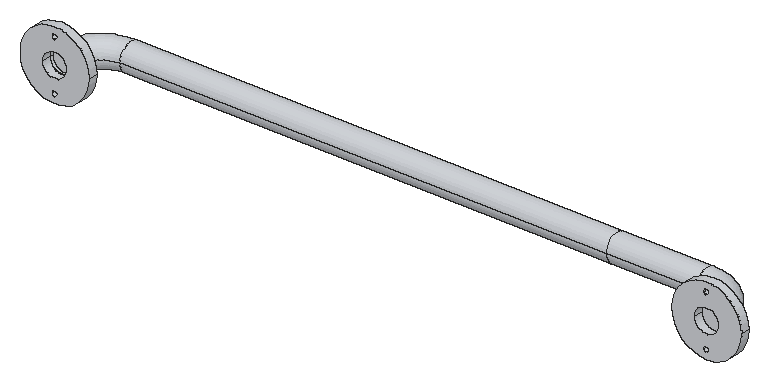
Revit family "AX8032X842_0003", category Appareils sanitaires, Revit 2016
Family settings
  Hôte = Mur
  Type d'élément = Normal
  Cote de connecteur circulaire = Utiliser le diamètre
  Numéro OmniClass = 23.75.00.00
  Titre OmniClass = Climate Control (HVAC)
  Toujours verticalement = Oui
  Couper avec des vides une fois chargée = Non
  Partagée = Non
  Point de calcul de pièce = Non
Parameters (values of type "Type 1")
  URL = "https://www.axeuro.com/fr/barres-droites/25491-barre-d-appui-ax8032x842.html"
  Modèle = "AX8032X842"  # constant formula
  Fabricant = "Axeuro"  # constant formula
  Description = "Barre de sécurité"  # constant formula
Reference planes
  plane 1 "Mur": y = 0
  plane 2 "Centre (gauche/droite)": x = 0
  plane 3 "Arrière": y = 75
Forms (mm)
  Extrusion 1, solid
    sketch origin (-190.5, 75, 0) x (-1, 0, 0) y (0, 0, -1)
      loop
        circle (190, -669.455) r 40.5
    from -10 to 0
  Sweep 2, solid
    path origin (231.5, -18.736, 669.511) x (1, 0, 0) y (0, 1, 0)
      loop
        line (-612, 103.736) -> (-612, 105.837)
        arc (-612, 105.837) -> (-599.142, 136.878) -> (-568.102, 149.735) r 43.898
        line (-568.102, 149.735) -> (0, 149.735) -> (105.102, 149.735)
        arc (105.102, 149.735) -> (136.142, 136.878) -> (149, 105.837) r 43.898
        line (149, 105.837) -> (149, 103.736)
    profile origin (-52.551, 131, 669.511) x (0, 1, 0) y (0, 0, 1)
      loop
        circle (0, 0) r 16
  Extrusion 3, void
    sketch origin (230.5, 0, 0) x (1, 0, 0) y (0, 0, 1)
      loop
        circle (150, 669.455) r 14
    from -88.969 to -75
  Extrusion 4, void
    sketch origin (-230.5, 0, 0) x (-1, 0, 0) y (0, 0, -1)
      loop
        circle (150, -669.455) r 14
    from -88.969 to -75
  Extrusion 5, void
    sketch origin (-586.622, 0, 1337.127) x (1, 0, 0) y (0, 0, 1)
      loop
        circle (206.122, -697.622) r 3
    from -79.397 to -75
  Extrusion 6, void
    sketch origin (-586.622, 0, 1.883) x (1, 0, 0) y (0, 0, 1)
      loop
        circle (206.122, 697.622) r 3
    from -79.397 to -75
  Extrusion 7, void
    sketch origin (586.622, 0, 1337.127) x (-1, 0, 0) y (0, 0, -1)
      loop
        circle (206.122, 697.622) r 3
    from -79.397 to -75
  Extrusion 8, void
    sketch origin (586.622, 0, 1.883) x (-1, 0, 0) y (0, 0, -1)
      loop
        circle (206.122, -697.622) r 3
    from -79.397 to -75
  Extrusion 9, solid
    sketch origin (190.5, 75, 0) x (1, 0, 0) y (0, 0, 1)
      loop
        circle (190, 669.455) r 40.5
    from -10 to 0
Cuts and joins
  Extrusion 4 cuts Sweep 2
  Extrusion 4, Extrusion 5, Extrusion 6, Extrusion 7, Extrusion 8 cuts Extrusion 1
  Extrusion 3, Extrusion 7, Extrusion 8 cuts Extrusion 9
Text (mm)
  text "Côté de la mise en place" at (-1820.995, 1116.779, 0), in view "Niveau de réf."
  text "Côté de la mise en place" at (0, 1334.055, 2976.191), in view "Gauche"
  text "Côté de la mise en place" at (0, 439.194, 2944.362), in view "Droite"
Dimensions and locks
  locked: plane 3 "Arrière" to host wall
  aligned and locked: plane 1 "Mur" to host wall
